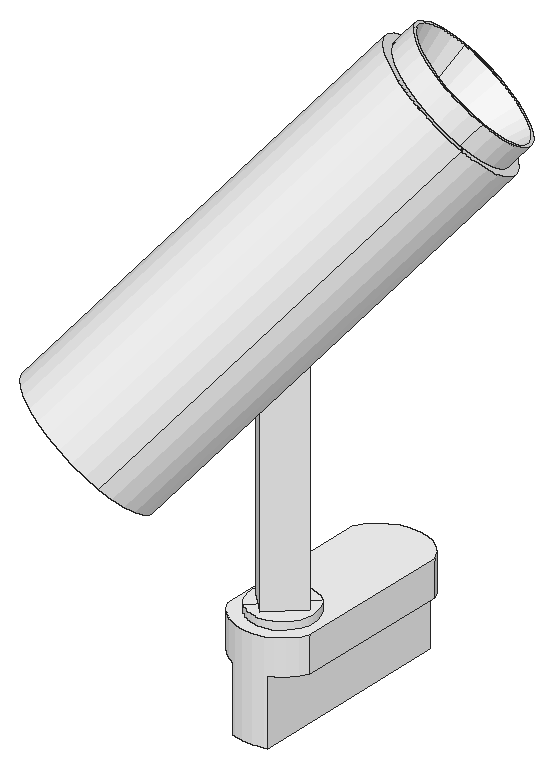
Revit family "0005524", category Lighting Fixtures, host Face, Revit 2017
Family settings
  Host = Face
  Round Connector Dimension = Use Diameter
  Part Type = Normal
  OmniClass Number = 23.80.70.00
  OmniClass Title = Lighting
  Cut with Voids When Loaded = No
  Light Source = No
  Shared = No
  Room Calculation Point = No
Parameters (values of type "0005524 LENZO S 15W 500LM 940 GLB O/B WHITE - WB")
  Weight = "n/a"
  Wattage Comments = ""
  WarrantyStartDate [instance] = "n/a"
  WarrantyGuarantorParts = "n/a"
  WarrantyDurationUnit = "n/a"
  WarrantyDurationParts = "n/a"
  WarrantyDescription = "n/a"
  Voltage = 230 V
  VerticalRotation_SYL [instance] = 45.00°
  VerticalEndAngle_SYL [instance] = VerticalRotation_SYL - 180.00°  # -135.00°
  URL = "http://www.sylvania-lighting.com"
  TypeName = "LENZO S 15W 500LM 940 GLB ON BOARD DIMMING WHITE - WB"
  TypeHead_SYL = Lenzo Head : 0005524 LENZO S 15W 500LM 940 GLB O/B WHITE - WB
  Type Image = <None>
  Type Comments = "n/a"
  SerialNumber [instance] = "n/a"
  Material_3_SYL = none
  PowerFactor = 0
  PowerConsumption = "15 W"
  NominalLength = 60 mm
  NominalHeight = 261 mm
  NominalDepth = 60 mm
  Name = "LENZO S 15W 500LM 940 GLB ON BOARD DIMMING WHITE - WB"
  ModelReference = Name  # "LENZO S 15W 500LM 940 GLB ON BOARD DIMMING WHITE - WB"
  ModelNumber = "0005524"
  Model = Name  # "LENZO S 15W 500LM 940 GLB ON BOARD DIMMING WHITE - WB"
  Material = "aluminium housing, pc polycarbonate diffuser"
  ManufacturerName = "Feilo Sylvania"
  Manufacturer = "Feilo Sylvania"
  LuminousEfficacy = "48 lm/W"
  LuminaireType = ""
  LightOutputRatio = "n/a"
  LampsType = Lamp  # "LED"
  LampNominalLuminous = "240/720 lm"
  LampMacAdamStep = "3"
  LampColourTemperature = "4000 K"
  LampColourRenderingIndex = "90"
  Lamp = "LED"
  Keynote = "16500"
  InstallationDate [instance] = "n/a"
  InputVoltage = "220-240 V AC"
  InputNominalFrequency = "50/60 Hz"
  IngressProtection = "IP20"
  ImpactProtectionIndex = "IK02"
  IfcExportType = "IfcLightFixtureType"
  IfcExportAs = "IfcLightFixtureType"
  HorizontalRotation_SYL [instance] = -45.00°
  ExpectedLife = 50000
  ElectricShockClassification = "Class I"
  DurationUnit = "hours"
  DocumentationLiterature = "http://www.sylvania-lighting.com/product/en-int/products/0005524"
  DimmingControlOptions = "on board dimming"
  Material_2_SYL = Spacer-Sylvania-StartTrackSpot-Aluminium
  Description = "LENZO S 15W 500LM 940 GLB O/B WHITE - WB"
  Default Elevation = 1219.2 mm
  CreatedOn = "9/25/2019"
  CreatedBy = "@sylvania-lighting.com"
  Cost = 0
  built-in parameter 1114216 [instance] = (empty or 0)
  ClassificationValue = "EF_70_80"
  ClassificationName = "Uniclass2015"
  Material_1_SYL = Body-Sylvania-StartTrackSpot-White
  BarCode [instance] = "n/a"
  AssetType = "Fixed"
  AssetIdentifier [instance] = "n/a"
  Assembly Code = "D5020200"
  Apparent Load = 15 VA
  Material_4_SYL = none
Types (2, lengths in mm): name | TypeName | TypeHead_SYL | Name | ModelReference | Model | Description
  0005524 LENZO S 15W 500LM 940 GLB O/B WHITE - WB | "LENZO S 15W 500LM 940 GLB ON BOARD DIMMING WHITE - WB" | Lenzo Head : 0005524 LENZO S 15W 500LM 940 GLB O/B WHITE - WB | "LENZO S 15W 500LM 940 GLB ON BOARD DIMMING WHITE - WB" | "LENZO S 15W 500LM 940 GLB ON BOARD DIMMING WHITE - WB" | "LENZO S 15W 500LM 940 GLB ON BOARD DIMMING WHITE - WB" | "LENZO S 15W 500LM 940 GLB O/B WHITE - WB"
  0005524 LENZO S 15W 500LM 940 GLB O/B WHITE - NB | "LENZO S 15W 500LM 940 GLB ON BOARD DIMMING WHITE - NB" | Lenzo Head : 0005524 LENZO S 15W 500LM 940 GLB O/B WHITE - NB | "LENZO S 15W 500LM 940 GLB ON BOARD DIMMING WHITE - NB" | "LENZO S 15W 500LM 940 GLB ON BOARD DIMMING WHITE - NB" | "LENZO S 15W 500LM 940 GLB ON BOARD DIMMING WHITE - NB" | "LENZO S 15W 500LM 940 GLB O/B WHITE - NB"
Reference planes
  plane 1 "Center (Front/Back)": y = 0
  plane 2: z = 0
  plane 3 "Center (Left/Right)": x = 0
  plane 4: x = 16.6
  plane 5: x = -16.6
  plane 6: x = 7
  plane 7: x = -7
  plane 8: x = -12.8
  plane 9: y = 42
  plane 10: y = 42
  plane 11: y = -42
  plane 12: y = 31.4
  plane 13: y = -31.4
  plane 14: z = -26
  plane 15: z = 14
  plane 16: z = 14
  plane 17: y = -17.4
  plane 18: y = -6.8
  plane 19: y = -24.4
Forms (mm)
  Extrusion 1, solid, material "Body-Sylvania-StartTrackSpot-White" <- "Material_1_SYL"
    sketch origin (0, 0, 0) x (1, 0, 0) y (0, 1, 0)
      loop
        line (-16.6, 31.4) -> (-16.6, -31.4)
        arc (-16.6, -31.4) -> (0, -42) -> (16.6, -31.4) r 18.298
        line (16.6, -31.4) -> (16.6, 31.4)
        arc (16.6, 31.4) -> (0, 42) -> (-16.6, 31.4) r 18.298
    from -26 to 14
  Extrusion 2, void
    sketch origin (0, 0, 0) x (1, 0, 0) y (0, 1, 0)
      loop
        arc (-7, 40.608) -> (-12.666, 36.907) -> (-16.6, 31.4) r 18.298
        line (-16.6, 31.4) -> (-16.6, -31.4)
        arc (-16.6, -31.4) -> (-12.666, -36.907) -> (-7, -40.608) r 18.298
        line (-7, -40.608) -> (-7, 40.608)
      loop
        line (16.6, -31.4) -> (16.6, 31.4)
        arc (16.6, 31.4) -> (12.666, 36.907) -> (7, 40.608) r 18.298
        line (7, 40.608) -> (7, -40.608)
        arc (7, -40.608) -> (12.666, -36.907) -> (16.6, -31.4) r 18.298
    from 0 to -26
  Revolve 3, solid, not visible
    sketch origin (1524, -24.4, 1219.2) x (1, 0, 0) y (0, 0, 1)
      loop
        line (-1524, -1202.5) -> (-1524, -1183.235) -> (-1531, -1183.235) -> (-1531, -1202.5) -> (-1524, -1202.5)
      axis (-1524, -1183.235) -> (-1524, -1202.5)
    angle from 45 <- "VerticalRotation_SYL" to -135 <- "VerticalEndAngle_SYL"
Cuts and joins
  Extrusion 2 cuts Extrusion 1
Lines and regions (mm)
  reference lines
    curve 1: circle (0, -24.4, 0) r 12.7 normal (0, 0, 1)
    curve 2: arc (-16.6, -31.4, 0) -> (0, -42, 0) -> (16.6, -31.4, 0) r 18.298
    curve 3: arc (-16.6, -17.4, 0) -> (0, -6.8, 0) -> (16.6, -17.4, 0) r 18.298
    curve 4: arc (-16.6, 31.4, 0) -> (0, 42, 0) -> (16.6, 31.4, 0) r 18.298
Dimensions and locks
  plane 6 to plane 3 "Center (Left/Right)" to plane 7 = 7 mm locked, 7 mm locked
  plane 4 to plane 3 "Center (Left/Right)" to plane 5 = 16.6 mm locked, 16.6 mm locked
  locked: plane 3 "Center (Left/Right)" to plane 8 at 12.8
  plane 11 to plane 1 "Center (Front/Back)" to plane 10 = 42 mm locked, 42 mm locked
  plane 13 to plane 1 "Center (Front/Back)" to plane 12 = 31.4 mm locked, 31.4 mm locked
  locked: plane 2 to plane 14 at 26
  locked: plane 13 to plane 17 at 14
  locked: plane 17 to plane 18 at 10.6
  equal spacing: plane 13, plane 19, plane 17
  locked: plane 19 to curve 2 at 0.698
  locked: curve 3 to plane 19 at 0.698
  locked: plane 16 to plane 2 at 14
  aligned and locked: plane 2 to host face
  aligned and locked: level to host face
  aligned and locked: plane 3 "Center (Left/Right)" to curve 1
  aligned and locked: plane 19 to curve 1
  aligned and locked: plane 13 to curve 2  (x2)
  aligned and locked: plane 17 to curve 3  (x2)
  aligned and locked: plane 12 to curve 4  (x2)
  aligned and locked: plane 4 to curve 4
  aligned and locked: plane 3 "Center (Left/Right)" to curve 4
  aligned and locked: plane 5 to curve 2
  aligned and locked: plane 5 to curve 3
  aligned and locked: plane 4 to curve 3
  aligned and locked: plane 4 to curve 2
  aligned and locked: plane 12 to Extrusion 1 sketch curve
  aligned and locked: plane 13 to Extrusion 1 sketch curve
  aligned and locked: Extrusion 1 sketch curve to curve 4
  aligned and locked: Extrusion 1 sketch curve to curve 2
  aligned and locked: Extrusion 1 to plane 15
  aligned and locked: plane 14 to Extrusion 1
  aligned and locked: Extrusion 2 sketch curve to Extrusion 1  (x5)
  aligned and locked: Extrusion 2 sketch curve to plane 7
  aligned and locked: plane 14 to Extrusion 2
  aligned and locked: level to Extrusion 2
  aligned and locked: Revolve 3 sketch curve to plane 3 "Center (Left/Right)"
  aligned and locked: plane 16 to nested 1
  aligned and locked: plane 16 to plane 15
Automatic sketch dimensions
  plane 12 to curve 4 = 7.698 mm
  plane 12 to Extrusion 2 sketch curve = 0 mm
  Extrusion 2 sketch curve to Extrusion 2 sketch curve = 0 mm  (x2)
  Extrusion 2 sketch curve to plane 6 = 0 mm
  Revolve 3 sketch curve to plane 7 = 0 mm
  Revolve 3 sketch curve to Revolve 3 sketch curve = 19.265 mm
  plane 14 to Revolve 3 sketch curve = 583.6 mm
  Revolve 3 sketch curve to Revolve 3 sketch curve = 2558.594 mm
  Revolve 3 sketch curve to plane 3 "Center (Left/Right)" = 0 mm
  host sketch curve to host sketch curve = 200 mm  (x2)
  Revolve 3 sketch curve to plane 16 = 2.7 mm
  radius of curve 1 = 12.7 mm
Nested families
  nested 1: "Lenzo Arm" at (0, -24.4, 14) x (0, 0, -1) z (0.7071, 0.7071, 0), HorizontalRotation_SYL <- "HorizontalRotation_SYL", type "START Track Spot Integral WH"
    with HorizontalRotation_SYL -45.00°, HorizontalEndAngle_SYL -225.00°
  nested 2: "Lenzo Head" at (-10.453, -34.853, 124.783) x (0.7071, -0.7071, 0) z (-0.5, -0.5, -0.7071), type <- "TypeHead_SYL", type "0005524 LENZO S 15W 500LM 940 GLB O/B WHITE - WB"
    with built-in parameter 1114216 (empty or 0)
Connectors
  electrical at (0, 0, 0), driven by "Apparent Load", driven by "PowerFactor", driven by "Voltage"
    settings: index 1, voltage 230 V, apparent load 15 VA, apparent load phase1 0 VA, apparent load phase2 0 VA, apparent load phase3 0 VA, power factor 0, load classification "Lighting", number of poles 1, system type 30, power factor state 1, is connector primary yes, connector utility no, sub classification motor no, connector description ""
Definition of nested family "Lenzo Arm"
  Parameters (values of type "START Track Spot Integral WH")
    URL = "http://www.sylvania-lighting.com"
    Type Image = (empty or 0)
    Type Comments = "n/a"
    Material_3_SYL = none
    Model = ""
    Manufacturer = "Feilo Sylvania"
    Keynote = ""
    Material_2_SYL = none
    HorizontalRotation_SYL [instance] = 0.00°
    HorizontalEndAngle_SYL [instance] = HorizontalRotation_SYL - 180.00°  # -180.00°
    Description = ""
    Default Elevation = 1219.2 mm
    Cost = 0
    Material_1_SYL = none
    Assembly Code = ""
    Material_4_SYL = none
  Reference planes
    plane 1 "Center (Front/Back)": y = 0
    plane 2: z = 0
    plane 3 "Center (Left/Right)": x = 0
    plane 4: x = -3
    plane 5: z = -12.5
    plane 6: z = 12.5
    plane 7: x = -96
    plane 8: z = 8
    plane 9: z = -8
    plane 10: x = -103
    plane 11: y = 5.5
    plane 12: y = -5.5
  Forms (mm)
    Extrusion 1, solid
      sketch origin (1116.2, 0, 0) x (1, 0, 0) y (0, 1, 0)
        loop
          line (-1283.103, 99.845) -> (-1283.103, -100.155) -> (-1083.103, -100.155) -> (-1083.103, 99.845) -> (-1283.103, 99.845)
      from 0 to -68.017
    Revolve 2, solid, material <- "Material_1_SYL"
      sketch origin (0, 0, 0) x (1, 0, 0) y (0, 0, 1)
        loop
          line (0, 0) -> (0, 12.5) -> (-3, 12.5) -> (-3, 0) -> (0, 0)
        axis (-3, 0) -> (0, 0)
      angle from 360 to 0
    Extrusion 3, solid, material <- "Material_1_SYL"
      sketch origin (0, 0, 0) x (1, 0, 0) y (0, 0, 1)
        loop
          line (-3, 8) -> (-103, 8) -> (-103, -8) -> (-3, -8) -> (-3, 8)
      from -5.5 to 5.5
    Revolve 4, solid, not visible
      sketch origin (-96, -4572, 2609.058) x (0, 0, 1) y (0, -1, 0)
        loop
          line (-2609.058, -4553.46) -> (-2609.058, -4590.54) -> (-2605.058, -4590.54) -> (-2605.058, -4553.46) -> (-2609.058, -4553.46)
        axis (-2609.058, -4553.46) -> (-2609.058, -4590.54)
      angle from 0 <- "HorizontalRotation_SYL" to -180 <- "HorizontalEndAngle_SYL"
  Dimensions and locks
    locked: plane 3 "Center (Left/Right)" to plane 4 at 3
    plane 6 to plane 2 to plane 5 = 12.5 mm locked, 12.5 mm locked
    equal spacing: Revolve 4 sketch curve, plane 1 "Center (Front/Back)", Revolve 4 sketch curve
    locked: Revolve 4 sketch curve to plane 1 "Center (Front/Back)" at 18.54
    locked: plane 4 to plane 10 at 100
    locked: plane 1 "Center (Front/Back)" to plane 11 at 5.5
    locked: plane 12 to plane 1 "Center (Front/Back)" at 5.5
    plane 8 to plane 2 to plane 9 = 8 mm, 8 mm
    locked: plane 7 to plane 10 at 7
    aligned and locked: plane 2 to Extrusion 1
    aligned and locked: level to Extrusion 1
    aligned and locked: plane 12 to Extrusion 3
    aligned and locked: Extrusion 3 to plane 11
    aligned and locked: plane 9 to Extrusion 3 sketch curve
    aligned and locked: Extrusion 3 sketch curve to plane 8
    aligned and locked: Extrusion 3 sketch curve to plane 10
    aligned and locked: Revolve 2 sketch curve to plane 6
Definition of nested family "Lenzo Head"
  Parameters (values of type "0005524 LENZO S 15W 500LM 940 GLB O/B WHITE - NB")
    WidthCutOut_SYL = 13 mm  # constant formula
    Wattage Comments = "n/a"
    Wattage = 15 W
    built-in parameter 1150110 = 1 (stored number, unit not read)
    URL = "http://www.sylvania-lighting.com"
    Type Image = (empty or 0)
    Type Comments = "n/a"
    built-in parameter 1114217 = 1 (stored number, unit not read)
    Tilt Angle = 90.00°
    built-in parameter 1150109 = 1 (stored number, unit not read)
    built-in parameter 1150134 = 12
    built-in parameter 1150113 = 1 (stored number, unit not read)
    S_SYL = yes
    RadiusLensOut_SYL = 21 mm
    RadiusLensHolder_SYL = 1.8 mm  # constant formula
    RadiusHead_SYL = if(S_SYL, 30 mm, 38 mm)  # 30 mm
    RadiusEmission_SYL = 8 mm
    Photometric Web File = "0005524-NB.ies"
    Material_3_SYL = none
    Model = "LENZO S 15W 500LM 940 GLB ON BOARD DIMMING WHITE - NB"
    Manufacturer = "Feilo Sylvania"
    built-in parameter 1150105 = 57.296 (stored number, unit not read)
    Lumens = 720 lm
    built-in parameter 1150115 = 1 (stored number, unit not read)
    built-in parameter 1150137 = (empty or 0)
    built-in parameter 1150139 = (empty or 0)
    LensProtrusion_SYL = 27 mm
    built-in parameter 1150112 = 1 (stored number, unit not read)
    built-in parameter 1150114 = 1 (stored number, unit not read)
    Lamp = "LED"
    Keynote = "16500"
    Material_2_SYL = none
    built-in parameter 1150132 = (empty or 0)
    built-in parameter 1150102 = (empty or 0)
    built-in parameter 1150107 = 4000 (stored number, unit not read)
    built-in parameter 1150138 = (empty or 0)
    built-in parameter 1150106 = 0.57296 (stored number, unit not read)
    Height_SYL = if(S_SYL, 162 mm, 201 mm)  # 162 mm
    HeightCutOut_SYL = if(S_SYL, 76 mm, 96 mm)  # 76 mm
    Emit from Circle Diameter = RadiusLensOut_SYL * 2  # 42 mm
    Emit Shape Visible in Rendering = no
    built-in parameter 1150104 = 4.4593 (stored number, unit not read)
    DistRotateAxisY_SYL = if(S_SYL, 66 mm, 90 mm)  # 66 mm
    Dimming Lamp Color Temperature Shift = (empty or 0)
    Description = "LENZO S 15W 500LM 940 GLB O/B WHITE - NB"
    DepthCutOut_SYL = 16 mm  # constant formula
    Default Elevation = 1219.2 mm
    Cost = 0
    Color Filter = 16777215
    built-in parameter 1114216 [instance] = (empty or 0)
    Material_1_SYL = none
    built-in parameter 1114218 = 1 (stored number, unit not read)
    built-in parameter 1150133 = 10 (stored number, unit not read)
    Assembly Code = "D5020200"
    Apparent Load = 15 VA
    Material_4_SYL = none
  Types (2, lengths in mm): name | Photometric Web File | Model | LensProtrusion_SYL | Description
    0005524 LENZO S 15W 500LM 940 GLB O/B WHITE - WB | "0005524-WB.ies" | "LENZO S 15W 500LM 940 GLB ON BOARD DIMMING WHITE - WB" | 10 | "LENZO S 15W 500LM 940 GLB O/B WHITE - WB"
    0005524 LENZO S 15W 500LM 940 GLB O/B WHITE - NB | "0005524-NB.ies" | "LENZO S 15W 500LM 940 GLB ON BOARD DIMMING WHITE - NB" | 27 | "LENZO S 15W 500LM 940 GLB O/B WHITE - NB"
  Reference planes
    plane 1 "Center (Front/Back)": y = 0
    plane 2: z = 0
    plane 3 "Center (Left/Right)": x = 0
    plane 4: x = 30
    plane 5: z = 66
    plane 6: z = -96
    plane 7: x = 26.5
    plane 8: x = 21
    plane 9: x = 8
    plane 10: z = -60
    plane 11: z = -10
    plane 12: x = 25.5
    plane 13: z = -73
    plane 14: z = -58
    plane 15: z = -1
    plane 16: x = 6.5
    plane 17: x = -6.5
    plane 18: y = -30
    plane 19: y = -14
    plane 20: y = -22
    plane 21: z = -123
    plane 22: x = 16.5
    plane 23: z = -98
    plane 24: z = -134.762
    plane 25: z = -134.762
    plane 26: x = 1.5
    plane 27: z = -82.762
    plane 28: x = -1.5
    plane 29: z = -84.762
    plane 30: z = -84.762
    plane 31: z = -132.762
    plane 32: x = -51.5
    plane 33: z = -132.762
    plane 34: z = -84.762
    plane 35: z = -134.762
    plane 36: z = -134.762
    plane 37: x = 26.5
    plane 38: z = -90
  Forms (mm)
    Extrusion 1, solid
      sketch origin (4.2, -1183.2, 0) x (1, 0, 0) y (0, 1, 0)
        loop
          line (-55.7, 1231.317) -> (-55.7, 1131.317) -> (44.3, 1131.317) -> (44.3, 1231.317) -> (-55.7, 1231.317)
      from 0 to -20
    Revolve 2, solid, material <- "Material_1_SYL"
      sketch origin (0, 0, 0) x (1, 0, 0) y (0, 0, 1)
        loop
          line (30, -96) -> (30, 66) -> (26.5, 66) -> (26.5, -96) -> (30, -96)
        axis (0, 66) -> (0, -96)
      angle from 360 to 0
    Revolve 3, solid, material <- "Material_1_SYL"
      sketch origin (0, 0, 0) x (1, 0, 0) y (0, 0, 1)
        loop
          line (26.5, 66) -> (0, 66) -> (0, -10) -> (26.5, -10) -> (26.5, 66)
        axis (0, 66) -> (0, -10)
      angle from 360 to 0
    Revolve 4, solid
      sketch origin (0, 0, 0) x (1, 0, 0) y (0, 0, 1)
        loop
          line (0, -60) -> (8, -60)
          arc (8, -60) -> (18.9, -63.606) -> (25.5, -73) r 18.279
          line (25.5, -73) -> (26.5, -73) -> (26.5, -58) -> (0, -58) -> (0, -60)
        axis (0, -58) -> (0, -73)
      angle from 360 to 0
    Extrusion 5, void
      sketch origin (1524, -30, 1219.2) x (-1, 0, 0) y (0, 0, 1)
        loop
          line (1530.5, -1229.2) -> (1530.5, -1153.2) -> (1517.5, -1153.2) -> (1517.5, -1229.2) -> (1530.5, -1229.2)
      from 0 to 16
    Revolve 6, solid, material <- "Material_1_SYL"
      sketch origin (0, 0, 0) x (1, 0, 0) y (0, 0, 1)
        loop
          line (26.5, -123) -> (26.5, -90) -> (16.5, -90) -> (16.5, -98) -> (25.5, -123) -> (26.5, -123)
        axis (0, -90) -> (0, -123)
      angle from 360 to 0
    Revolve 7, solid, material <- "Material_2_SYL"
      sketch origin (0, 0, 0) x (1, 0, 0) y (0, 0, 1)
        loop
          line (0, -98) -> (16.5, -98) -> (16.5, -90) -> (0, -90) -> (0, -98)
        axis (0, -90) -> (0, -98)
      angle from 360 to 0
  Cuts and joins
    Extrusion 5 cuts Revolve 3
    Extrusion 5 cuts Revolve 2
  Dimensions and locks
    "RadiusHead_SYL": plane 4 to plane 3 "Center (Left/Right)"
    "DistRotateAxisY_SYL": plane 5 to plane 2
    "Height_SYL": plane 5 to plane 6
    plane 4 to plane 7 = 3.5 mm
    "RadiusLensOut_SYL": plane 8 to plane 3 "Center (Left/Right)"
    "RadiusEmission_SYL": plane 9 to plane 3 "Center (Left/Right)"
    "HeightCutOut_SYL": plane 5 to plane 11
    plane 12 to plane 8 = 4.5 mm
    locked: plane 2 to plane 15 at 1
    equal spacing: plane 16, plane 3 "Center (Left/Right)", plane 17
    "WidthCutOut_SYL": plane 16 to plane 17
    "RadiusHead_SYL": plane 18 to plane 1 "Center (Front/Back)"
    "DepthCutOut_SYL": plane 18 to plane 19
    equal spacing: plane 18, plane 20, plane 19
    "LensProtrusion_SYL": plane 6 to plane 21
    locked: plane 14 to plane 10 at 2
    locked: plane 10 to plane 13 at 13
    locked: plane 7 to plane 22 at 10
    locked: plane 23 to plane 21 at 25
    locked: plane 7 to plane 12 at 1
    locked: plane 38 to plane 23 at 8
    locked: plane 13 to plane 6 at 23
    aligned and locked: plane 2 to Extrusion 1
    aligned and locked: level to Extrusion 1
    aligned and locked: Revolve 2 sketch curve to plane 3 "Center (Left/Right)"
    aligned and locked: Revolve 2 sketch curve to plane 6
    aligned and locked: Revolve 2 sketch curve to plane 4
    aligned and locked: plane 5 to Revolve 2 sketch curve
    aligned and locked: plane 7 to Revolve 2 sketch curve
    aligned and locked: Revolve 3 sketch curve to plane 3 "Center (Left/Right)"
    aligned and locked: Revolve 3 sketch curve to Revolve 2  (x3)
    aligned and locked: Revolve 3 sketch curve to plane 11
    aligned and locked: plane 3 "Center (Left/Right)" to Revolve 3 sketch curve
    aligned and locked: Revolve 4 sketch curve to plane 3 "Center (Left/Right)"  (x2)
    aligned and locked: plane 3 "Center (Left/Right)" to Revolve 4 sketch curve
    aligned and locked: plane 9 to Revolve 4 sketch curve
    aligned and locked: plane 10 to Revolve 4 sketch curve
    aligned and locked: plane 12 to Revolve 4 sketch curve
    aligned and locked: plane 13 to Revolve 4 sketch curve
    aligned and locked: plane 11 to Extrusion 5 sketch curve
    aligned and locked: Extrusion 5 sketch curve to plane 17
    aligned and locked: Extrusion 5 sketch curve to plane 5
    aligned and locked: plane 16 to Extrusion 5 sketch curve
    aligned and locked: Extrusion 5 to plane 19
    aligned and locked: plane 18 to Extrusion 5
    aligned and locked: plane 3 "Center (Left/Right)" to imposter light
    aligned and locked: imposter light to plane 1 "Center (Front/Back)"
    aligned and locked: Revolve 6 sketch curve to plane 3 "Center (Left/Right)"
    aligned and locked: plane 7 to Revolve 6 sketch curve
    aligned and locked: Revolve 6 sketch curve to plane 21
    aligned and locked: Revolve 6 sketch curve to plane 7
    aligned and locked: Revolve 7 sketch curve to Revolve 6  (x2)
    aligned and locked: Revolve 7 sketch curve to plane 3 "Center (Left/Right)"  (x2)
    aligned and locked: Revolve 6 to Revolve 7 sketch curve
    aligned and locked: imposter light to plane 23
  Automatic sketch dimensions
    plane 6 to Revolve 2 sketch curve = 487.1 mm
    Revolve 2 sketch curve to plane 5 = 2571.558 mm
    Revolve 4 sketch curve to plane 10 = 2 mm
    plane 6 to Revolve 4 sketch curve = 487.1 mm
    Revolve 4 sketch curve to plane 5 = 2571.558 mm
    Revolve 4 sketch curve to plane 7 = 0 mm
    plane 6 to Revolve 3 sketch curve = 487.1 mm
    Revolve 3 sketch curve to Revolve 3 sketch curve = 2571.558 mm
    Extrusion 1 sketch curve to Extrusion 1 sketch curve = 100 mm  (x2)
    Revolve 6 sketch curve to plane 22 = 0 mm
    Revolve 6 sketch curve to plane 12 = 0 mm
    Revolve 6 sketch curve to plane 23 = 0 mm
    Revolve 6 sketch curve to plane 38 = 0 mm
    Revolve 6 sketch curve to plane 5 = 2592.258 mm
    Revolve 7 sketch curve to plane 5 = 2592.258 mm
    plane 21 to Revolve 6 sketch curve = 456.4 mm
    plane 21 to Revolve 7 sketch curve = 456.4 mm
